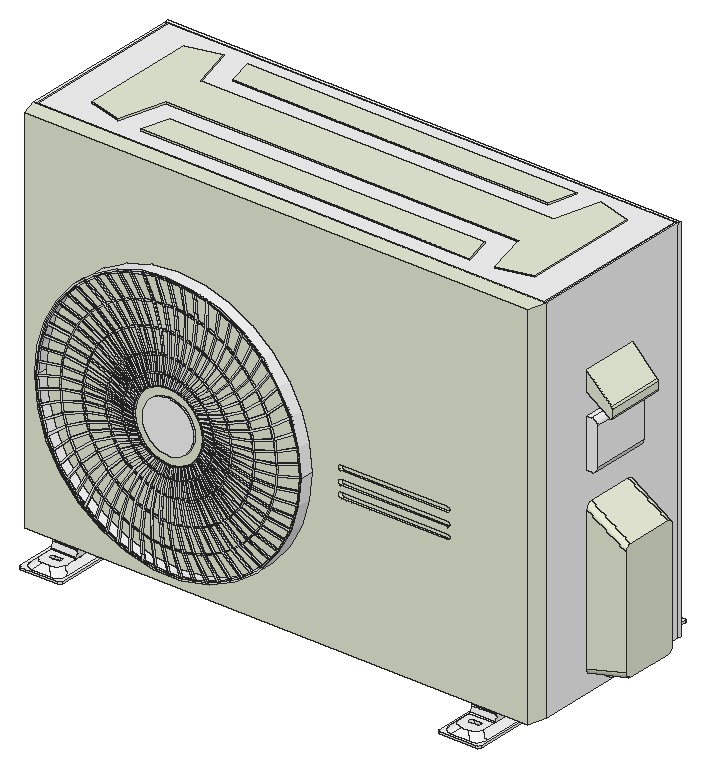
Revit family "M3OA-27HFN8-Q", category Attrezzatura meccanica, Revit 2022 (continued)
Definition of nested family "guan_HXL"
  Forms (mm)
    Extrusion 2, solid
      sketch origin (0, 0, 0) x (1, 0, 0) y (0, 0, 1)
        loop
          line (-5.774, 10) -> (-11.547, 0) -> (-5.774, -10) -> (5.774, -10) -> (11.547, 0) -> (5.774, 10) -> (-5.774, 10)
      from 30 to 40
    Extrusion 3, solid
      sketch origin (0, 0, 0) x (1, 0, 0) y (0, 1, 0)
        loop
          circle (0, -14.109) r 10
      from 0 to 40
    Extrusion 4, solid
      sketch origin (0, 0, 0) x (1, 0, 0) y (0, 1, 0)
        loop
          line (-17.321, -14.109) -> (-8.66, -29.109) -> (8.66, -29.109) -> (17.321, -14.109) -> (8.66, 0.891) -> (-8.66, 0.891) -> (-17.321, -14.109)
      from 30 to 40
    Extrusion 5, solid
      sketch origin (0, 0, -40) x (1, 0, 0) y (0, 1, 0)
        loop
          circle (0, -14.109) r 5
      from 0 to 40
  Dimensions and locks
    equal spacing: plane 4, level, plane 5
    "luomukuandu": plane 4 to plane 5
    equal spacing: plane 10, plane 7, plane 11
    "luomukuandu": plane 11 to plane 10
    equal spacing: plane 8, plane 6, plane 9
    "luomukuandu": plane 8 to plane 9
    "luomuhoudu": Extrusion 2 to Extrusion 2
    "Length2": Extrusion 3 to level
    equal spacing: plane 18, plane 13, plane 17
    "luomukuandu2": plane 17 to plane 18
    equal spacing: plane 15, plane 12, plane 16
    "luomukuandu2": plane 15 to plane 16
    equal spacing: plane 19, plane 14, plane 20
    "luomukuandu2": plane 19 to plane 20
    "luomuhoudu2": Extrusion 4 to Extrusion 4
    "Length": Extrusion 1 to plane 21
    "diameter": diameter of Extrusion 1 sketch curve
    "diameter2": diameter of Extrusion 3 sketch curve
    aligned and locked: level to plane 2
    aligned and locked: plane 8 to Extrusion 2
    aligned and locked: plane 11 to Extrusion 2
    aligned and locked: Extrusion 2 to plane 5
    aligned and locked: plane 9 to Extrusion 2
    aligned and locked: plane 10 to Extrusion 2
    aligned and locked: plane 4 to Extrusion 2
    aligned and locked: Extrusion 2 to Extrusion 1
    aligned and locked: plane 19 to Extrusion 4
    aligned and locked: plane 15 to Extrusion 4
    aligned and locked: Extrusion 4 to plane 17
    aligned and locked: Extrusion 4 to plane 20
    aligned and locked: plane 16 to Extrusion 4
    aligned and locked: Extrusion 4 to plane 18
    aligned and locked: Extrusion 4 to Extrusion 3
  Automatic sketch dimensions
    Extrusion 2 sketch curve to level = 0.000 mm  (x2)
    plane 9 to Extrusion 2 sketch curve = 0.000 mm
    Extrusion 2 sketch curve to plane 4 = 0.000 mm
    Extrusion 2 sketch curve to plane 6 = 0.000 mm  (x2)
    Extrusion 2 sketch curve to plane 5 = 0.000 mm
    plane 7 to Extrusion 2 sketch curve = 0.000 mm  (x2)
    Extrusion 2 sketch curve to plane 8 = 0.000 mm
    plane 12 to Extrusion 4 sketch curve = 0.000 mm  (x2)
    plane 17 to Extrusion 4 sketch curve = 0.000 mm
    Extrusion 4 sketch curve to plane 13 = 0.000 mm  (x2)
    plane 16 to Extrusion 4 sketch curve = 0.000 mm
    Extrusion 4 sketch curve to plane 14 = 0.000 mm  (x2)
    Extrusion 4 sketch curve to plane 15 = 0.000 mm
    Extrusion 4 sketch curve to plane 18 = 0.000 mm
    Extrusion 5 sketch curve to plane 3 "Center (Left/Right)" = 0.000 mm
    plane 12 to Extrusion 5 sketch curve = 0.000 mm
    Extrusion 1 sketch curve to level = 0.000 mm
    Extrusion 1 sketch curve to plane 3 "Center (Left/Right)" = 0.000 mm
    Extrusion 3 sketch curve to plane 3 "Center (Left/Right)" = 0.000 mm
    plane 12 to Extrusion 3 sketch curve = 0.000 mm
    radius of Extrusion 5 sketch curve = 5.000 mm
